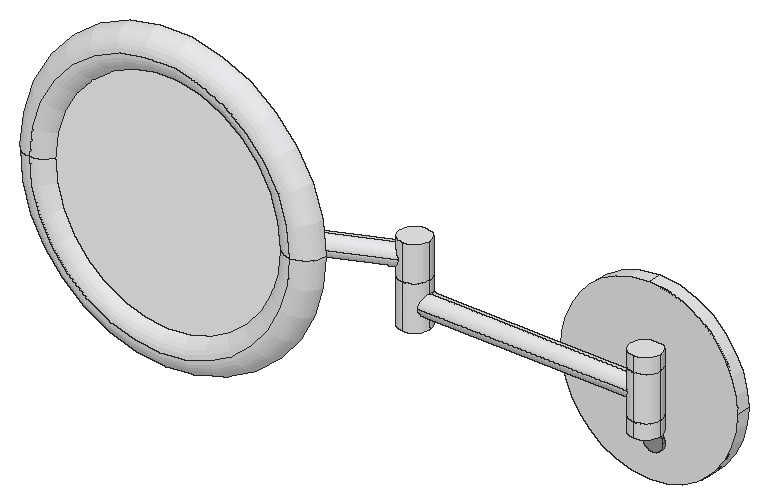
Revit family "DMMR0043_revit", category Generic Models, Revit 2017
Family settings
  Can host rebar = No
  Round Connector Dimension = Use Diameter
  Part Type = Normal
  Work Plane-Based = No
  Always vertical = Yes
  Cut with Voids When Loaded = No
  Shared = No
  Room Calculation Point = No
Parameters
  Website = "https://dolphy.in/"  # constant formula
  Contact number = "+91 9520202035"  # constant formula
  Contact email = "info@dolphy.in"  # constant formula
  Company name = "Dolphy India"  # constant formula
Reference planes
  plane 1 "Center (Front/Back)": y = 0
  plane 2: z = 0
  plane 3 "Center (Left/Right)": x = 0
Forms (mm)
  Extrusion 1, solid, material "Dolphy_CHROME"
    sketch origin (0, 0, 0) x (1, 0, 0) y (0, 0, 1)
      loop
        spline (263.5, 10) -> (254.405, 9.351) -> (245.956, 7.49) -> (238.181, 4.543) -> (231.112, 0.635) -> (224.777, -4.105) -> (219.206, -9.553) -> (214.43, -15.581) -> (210.477, -22.063) -> (207.378, -28.872) -> (205.162, -35.882) -> (203.86, -42.967) -> (203.5, -50)
        spline (203.5, -50) -> (203.86, -57.033) -> (205.162, -64.118) -> (207.378, -71.128) -> (210.477, -77.937) -> (214.43, -84.419) -> (219.206, -90.447) -> (224.777, -95.895) -> (231.112, -100.635) -> (238.181, -104.543) -> (245.956, -107.49) -> (254.405, -109.351) -> (263.5, -110)
        spline (263.5, -110) -> (272.595, -109.351) -> (281.044, -107.49) -> (288.819, -104.543) -> (295.888, -100.635) -> (302.223, -95.895) -> (307.794, -90.447) -> (312.57, -84.419) -> (316.523, -77.937) -> (319.622, -71.128) -> (321.838, -64.118) -> (323.14, -57.033) -> (323.5, -50)
        spline (323.5, -50) -> (323.14, -42.967) -> (321.838, -35.882) -> (319.622, -28.872) -> (316.523, -22.063) -> (312.57, -15.581) -> (307.794, -9.553) -> (302.223, -4.105) -> (295.888, 0.635) -> (288.819, 4.543) -> (281.044, 7.49) -> (272.595, 9.351) -> (263.5, 10)
    from 0 to 8.954
  Extrusion 2, solid, material "Dolphy_CHROME"
    sketch origin (8.348, 0, 0) x (1, 0, 0) y (0, 1, 0)
      loop
        spline (260.152, -8.413) -> (259.04, -8.469) -> (257.899, -8.676) -> (256.752, -9.029) -> (255.624, -9.527) -> (254.538, -10.167) -> (253.519, -10.946) -> (252.59, -11.863) -> (251.777, -12.914) -> (251.102, -14.097) -> (250.59, -15.409) -> (250.266, -16.849) -> (250.152, -18.413)
        spline (250.152, -18.413) -> (250.266, -19.977) -> (250.59, -21.416) -> (251.102, -22.729) -> (251.777, -23.912) -> (252.59, -24.963) -> (253.519, -25.879) -> (254.538, -26.659) -> (255.624, -27.299) -> (256.752, -27.797) -> (257.899, -28.15) -> (259.04, -28.356) -> (260.152, -28.413)
        spline (260.152, -28.413) -> (261.264, -28.356) -> (262.405, -28.15) -> (263.552, -27.797) -> (264.681, -27.299) -> (265.767, -26.659) -> (266.786, -25.879) -> (267.714, -24.963) -> (268.528, -23.912) -> (269.202, -22.729) -> (269.714, -21.416) -> (270.039, -19.977) -> (270.152, -18.413)
        spline (270.152, -18.413) -> (270.039, -16.849) -> (269.714, -15.409) -> (269.202, -14.097) -> (268.528, -12.914) -> (267.714, -11.863) -> (266.786, -10.946) -> (265.767, -10.167) -> (264.681, -9.527) -> (263.552, -9.029) -> (262.405, -8.676) -> (261.264, -8.469) -> (260.152, -8.413)
    from -65 to -35
  Extrusion 3, solid, material "Dolphy_CHROME"
    sketch origin (8.348, 0, 0) x (1, 0, 0) y (0, 1, 0)
      loop
        spline (260.152, -8.413) -> (259.04, -8.469) -> (257.899, -8.676) -> (256.752, -9.029) -> (255.624, -9.527) -> (254.538, -10.167) -> (253.519, -10.946) -> (252.59, -11.863) -> (251.777, -12.914) -> (251.102, -14.097) -> (250.59, -15.409) -> (250.266, -16.849) -> (250.152, -18.413)
        spline (250.152, -18.413) -> (250.266, -19.977) -> (250.59, -21.416) -> (251.102, -22.729) -> (251.777, -23.912) -> (252.59, -24.963) -> (253.519, -25.879) -> (254.538, -26.659) -> (255.624, -27.299) -> (256.752, -27.797) -> (257.899, -28.15) -> (259.04, -28.356) -> (260.152, -28.413)
        spline (260.152, -28.413) -> (261.264, -28.356) -> (262.405, -28.15) -> (263.552, -27.797) -> (264.681, -27.299) -> (265.767, -26.659) -> (266.786, -25.879) -> (267.714, -24.963) -> (268.528, -23.912) -> (269.202, -22.729) -> (269.714, -21.416) -> (270.039, -19.977) -> (270.152, -18.413)
        spline (270.152, -18.413) -> (270.039, -16.849) -> (269.714, -15.409) -> (269.202, -14.097) -> (268.528, -12.914) -> (267.714, -11.863) -> (266.786, -10.946) -> (265.767, -10.167) -> (264.681, -9.527) -> (263.552, -9.029) -> (262.405, -8.676) -> (261.264, -8.469) -> (260.152, -8.413)
    from -35 to -25
  Extrusion 4, solid, material "Dolphy_CHROME"
    sketch origin (8.348, 0, 0) x (1, 0, 0) y (0, 1, 0)
      loop
        spline (260.152, -8.413) -> (259.04, -8.469) -> (257.899, -8.676) -> (256.752, -9.029) -> (255.624, -9.527) -> (254.538, -10.167) -> (253.519, -10.946) -> (252.59, -11.863) -> (251.777, -12.914) -> (251.102, -14.097) -> (250.59, -15.409) -> (250.266, -16.849) -> (250.152, -18.413)
        spline (250.152, -18.413) -> (250.266, -19.977) -> (250.59, -21.416) -> (251.102, -22.729) -> (251.777, -23.912) -> (252.59, -24.963) -> (253.519, -25.879) -> (254.538, -26.659) -> (255.624, -27.299) -> (256.752, -27.797) -> (257.899, -28.15) -> (259.04, -28.356) -> (260.152, -28.413)
        spline (260.152, -28.413) -> (261.264, -28.356) -> (262.405, -28.15) -> (263.552, -27.797) -> (264.681, -27.299) -> (265.767, -26.659) -> (266.786, -25.879) -> (267.714, -24.963) -> (268.528, -23.912) -> (269.202, -22.729) -> (269.714, -21.416) -> (270.039, -19.977) -> (270.152, -18.413)
        spline (270.152, -18.413) -> (270.039, -16.849) -> (269.714, -15.409) -> (269.202, -14.097) -> (268.528, -12.914) -> (267.714, -11.863) -> (266.786, -10.946) -> (265.767, -10.167) -> (264.681, -9.527) -> (263.552, -9.029) -> (262.405, -8.676) -> (261.264, -8.469) -> (260.152, -8.413)
    from -75 to -65
  Extrusion 5, solid, material "Dolphy_CHROME"
    sketch origin (51.353, 9.651, 126.353) x (0, 0, -1) y (0, 1, 0)
      loop
        spline (176.353, -21.064) -> (175.586, -21.093) -> (174.799, -21.229) -> (174.008, -21.471) -> (173.229, -21.817) -> (172.478, -22.265) -> (171.771, -22.812) -> (171.124, -23.456) -> (170.553, -24.195) -> (170.075, -25.028) -> (169.705, -25.952) -> (169.459, -26.965) -> (169.353, -28.064)
        spline (169.353, -28.064) -> (169.459, -29.164) -> (169.705, -30.177) -> (170.075, -31.1) -> (170.553, -31.933) -> (171.124, -32.673) -> (171.771, -33.317) -> (172.478, -33.864) -> (173.229, -34.311) -> (174.008, -34.657) -> (174.799, -34.9) -> (175.586, -35.036) -> (176.353, -35.064)
        spline (176.353, -35.064) -> (177.12, -35.036) -> (177.907, -34.9) -> (178.699, -34.657) -> (179.478, -34.311) -> (180.229, -33.864) -> (180.936, -33.317) -> (181.582, -32.673) -> (182.153, -31.933) -> (182.631, -31.1) -> (183.002, -30.177) -> (183.248, -29.164) -> (183.353, -28.064)
        spline (183.353, -28.064) -> (183.248, -26.965) -> (183.002, -25.952) -> (182.631, -25.028) -> (182.153, -24.195) -> (181.582, -23.456) -> (180.936, -22.812) -> (180.229, -22.265) -> (179.478, -21.817) -> (178.699, -21.471) -> (177.907, -21.229) -> (177.12, -21.093) -> (176.353, -21.064)
    from 62.561 to 218.647
  Extrusion 6, solid, material "Dolphy_CHROME"
    sketch origin (-148.652, 0, 0) x (1, 0, 0) y (0, 1, 0)
      loop
        spline (260.152, -8.413) -> (259.04, -8.469) -> (257.899, -8.676) -> (256.752, -9.029) -> (255.624, -9.527) -> (254.538, -10.167) -> (253.519, -10.946) -> (252.59, -11.863) -> (251.777, -12.914) -> (251.102, -14.097) -> (250.59, -15.409) -> (250.266, -16.849) -> (250.152, -18.413)
        spline (250.152, -18.413) -> (250.266, -19.977) -> (250.59, -21.416) -> (251.102, -22.729) -> (251.777, -23.912) -> (252.59, -24.963) -> (253.519, -25.879) -> (254.538, -26.659) -> (255.624, -27.299) -> (256.752, -27.797) -> (257.899, -28.15) -> (259.04, -28.356) -> (260.152, -28.413)
        spline (260.152, -28.413) -> (261.264, -28.356) -> (262.405, -28.15) -> (263.552, -27.797) -> (264.681, -27.299) -> (265.767, -26.659) -> (266.786, -25.879) -> (267.714, -24.963) -> (268.528, -23.912) -> (269.202, -22.729) -> (269.714, -21.416) -> (270.039, -19.977) -> (270.152, -18.413)
        spline (270.152, -18.413) -> (270.039, -16.849) -> (269.714, -15.409) -> (269.202, -14.097) -> (268.528, -12.914) -> (267.714, -11.863) -> (266.786, -10.946) -> (265.767, -10.167) -> (264.681, -9.527) -> (263.552, -9.029) -> (262.405, -8.676) -> (261.264, -8.469) -> (260.152, -8.413)
    from -65 to -35
  Extrusion 7, solid, material "Dolphy_CHROME"
    sketch origin (-148.652, 0, 0) x (1, 0, 0) y (0, 1, 0)
      loop
        spline (260.152, -8.413) -> (259.04, -8.469) -> (257.899, -8.676) -> (256.752, -9.029) -> (255.624, -9.527) -> (254.538, -10.167) -> (253.519, -10.946) -> (252.59, -11.863) -> (251.777, -12.914) -> (251.102, -14.097) -> (250.59, -15.409) -> (250.266, -16.849) -> (250.152, -18.413)
        spline (250.152, -18.413) -> (250.266, -19.977) -> (250.59, -21.416) -> (251.102, -22.729) -> (251.777, -23.912) -> (252.59, -24.963) -> (253.519, -25.879) -> (254.538, -26.659) -> (255.624, -27.299) -> (256.752, -27.797) -> (257.899, -28.15) -> (259.04, -28.356) -> (260.152, -28.413)
        spline (260.152, -28.413) -> (261.264, -28.356) -> (262.405, -28.15) -> (263.552, -27.797) -> (264.681, -27.299) -> (265.767, -26.659) -> (266.786, -25.879) -> (267.714, -24.963) -> (268.528, -23.912) -> (269.202, -22.729) -> (269.714, -21.416) -> (270.039, -19.977) -> (270.152, -18.413)
        spline (270.152, -18.413) -> (270.039, -16.849) -> (269.714, -15.409) -> (269.202, -14.097) -> (268.528, -12.914) -> (267.714, -11.863) -> (266.786, -10.946) -> (265.767, -10.167) -> (264.681, -9.527) -> (263.552, -9.029) -> (262.405, -8.676) -> (261.264, -8.469) -> (260.152, -8.413)
    from -35 to -11.384
  Extrusion 8, solid, material "Dolphy_CHROME"
    sketch origin (-260.152, -48.785, 0) x (1, 0, 0) y (0, 1, 0)
      loop
        spline (260.152, -8.413) -> (259.04, -8.469) -> (257.899, -8.676) -> (256.752, -9.029) -> (255.624, -9.527) -> (254.538, -10.167) -> (253.519, -10.946) -> (252.59, -11.863) -> (251.777, -12.914) -> (251.102, -14.097) -> (250.59, -15.409) -> (250.266, -16.849) -> (250.152, -18.413)
        spline (250.152, -18.413) -> (250.266, -19.977) -> (250.59, -21.416) -> (251.102, -22.729) -> (251.777, -23.912) -> (252.59, -24.963) -> (253.519, -25.879) -> (254.538, -26.659) -> (255.624, -27.299) -> (256.752, -27.797) -> (257.899, -28.15) -> (259.04, -28.356) -> (260.152, -28.413)
        spline (260.152, -28.413) -> (261.264, -28.356) -> (262.405, -28.15) -> (263.552, -27.797) -> (264.681, -27.299) -> (265.767, -26.659) -> (266.786, -25.879) -> (267.714, -24.963) -> (268.528, -23.912) -> (269.202, -22.729) -> (269.714, -21.416) -> (270.039, -19.977) -> (270.152, -18.413)
        spline (270.152, -18.413) -> (270.039, -16.849) -> (269.714, -15.409) -> (269.202, -14.097) -> (268.528, -12.914) -> (267.714, -11.863) -> (266.786, -10.946) -> (265.767, -10.167) -> (264.681, -9.527) -> (263.552, -9.029) -> (262.405, -8.676) -> (261.264, -8.469) -> (260.152, -8.413)
    from -35 to -11.384
  Extrusion 9, solid, material "Dolphy_CHROME"
    sketch origin (-101.159, -81.706, 152.677) x (0, 0, -1) y (-0.406737, 0.913545, 0)
      loop
        spline (176.353, -21.064) -> (175.586, -21.093) -> (174.799, -21.229) -> (174.008, -21.471) -> (173.229, -21.817) -> (172.478, -22.265) -> (171.771, -22.812) -> (171.124, -23.456) -> (170.553, -24.195) -> (170.075, -25.028) -> (169.705, -25.952) -> (169.459, -26.965) -> (169.353, -28.064)
        spline (169.353, -28.064) -> (169.459, -29.164) -> (169.705, -30.177) -> (170.075, -31.1) -> (170.553, -31.933) -> (171.124, -32.673) -> (171.771, -33.317) -> (172.478, -33.864) -> (173.229, -34.311) -> (174.008, -34.657) -> (174.799, -34.9) -> (175.586, -35.036) -> (176.353, -35.064)
        spline (176.353, -35.064) -> (177.12, -35.036) -> (177.907, -34.9) -> (178.699, -34.657) -> (179.478, -34.311) -> (180.229, -33.864) -> (180.936, -33.317) -> (181.582, -32.673) -> (182.153, -31.933) -> (182.631, -31.1) -> (183.002, -30.177) -> (183.248, -29.164) -> (183.353, -28.064)
        spline (183.353, -28.064) -> (183.248, -26.965) -> (183.002, -25.952) -> (182.631, -25.028) -> (182.153, -24.195) -> (181.582, -23.456) -> (180.936, -22.812) -> (180.229, -22.265) -> (179.478, -21.817) -> (178.699, -21.471) -> (177.907, -21.229) -> (177.12, -21.093) -> (176.353, -21.064)
    from 98.346 to 218.647
  Extrusion 10, solid, material "BRASS & CHROME"
    sketch origin (-260.152, -48.785, 0) x (1, 0, 0) y (0, 1, 0)
      loop
        spline (260.152, -8.413) -> (259.04, -8.469) -> (257.899, -8.676) -> (256.752, -9.029) -> (255.624, -9.527) -> (254.538, -10.167) -> (253.519, -10.946) -> (252.59, -11.863) -> (251.777, -12.914) -> (251.102, -14.097) -> (250.59, -15.409) -> (250.266, -16.849) -> (250.152, -18.413)
        spline (250.152, -18.413) -> (250.266, -19.977) -> (250.59, -21.416) -> (251.102, -22.729) -> (251.777, -23.912) -> (252.59, -24.963) -> (253.519, -25.879) -> (254.538, -26.659) -> (255.624, -27.299) -> (256.752, -27.797) -> (257.899, -28.15) -> (259.04, -28.356) -> (260.152, -28.413)
        spline (260.152, -28.413) -> (261.264, -28.356) -> (262.405, -28.15) -> (263.552, -27.797) -> (264.681, -27.299) -> (265.767, -26.659) -> (266.786, -25.879) -> (267.714, -24.963) -> (268.528, -23.912) -> (269.202, -22.729) -> (269.714, -21.416) -> (270.039, -19.977) -> (270.152, -18.413)
        spline (270.152, -18.413) -> (270.039, -16.849) -> (269.714, -15.409) -> (269.202, -14.097) -> (268.528, -12.914) -> (267.714, -11.863) -> (266.786, -10.946) -> (265.767, -10.167) -> (264.681, -9.527) -> (263.552, -9.029) -> (262.405, -8.676) -> (261.264, -8.469) -> (260.152, -8.413)
    from -11.384 to -3.499
  Extrusion 11, solid, material "BRASS & CHROME"
    sketch origin (-260.152, -48.785, 0) x (1, 0, 0) y (0, 1, 0)
      loop
        spline (260.152, -8.413) -> (259.04, -8.469) -> (257.899, -8.676) -> (256.752, -9.029) -> (255.624, -9.527) -> (254.538, -10.167) -> (253.519, -10.946) -> (252.59, -11.863) -> (251.777, -12.914) -> (251.102, -14.097) -> (250.59, -15.409) -> (250.266, -16.849) -> (250.152, -18.413)
        spline (250.152, -18.413) -> (250.266, -19.977) -> (250.59, -21.416) -> (251.102, -22.729) -> (251.777, -23.912) -> (252.59, -24.963) -> (253.519, -25.879) -> (254.538, -26.659) -> (255.624, -27.299) -> (256.752, -27.797) -> (257.899, -28.15) -> (259.04, -28.356) -> (260.152, -28.413)
        spline (260.152, -28.413) -> (261.264, -28.356) -> (262.405, -28.15) -> (263.552, -27.797) -> (264.681, -27.299) -> (265.767, -26.659) -> (266.786, -25.879) -> (267.714, -24.963) -> (268.528, -23.912) -> (269.202, -22.729) -> (269.714, -21.416) -> (270.039, -19.977) -> (270.152, -18.413)
        spline (270.152, -18.413) -> (270.039, -16.849) -> (269.714, -15.409) -> (269.202, -14.097) -> (268.528, -12.914) -> (267.714, -11.863) -> (266.786, -10.946) -> (265.767, -10.167) -> (264.681, -9.527) -> (263.552, -9.029) -> (262.405, -8.676) -> (261.264, -8.469) -> (260.152, -8.413)
    from -42.816 to -35
  Sweep 12, solid, material "Dolphy_CHROME"
    path origin (-21.562, -76.248, 0) x (1, 0, 0) y (0, 0, 1)
      loop
        circle (17.002, -3.499) r 88.5
    profile origin (-4.56, -76.248, 85.001) x (0, 0, -1) y (0, -1, 0)
      loop
        line (-13.5, 0) -> (13.5, 0)
        spline (13.5, 0) -> (13.381, 1.739) -> (13.031, 3.435) -> (12.467, 5.067) -> (11.701, 6.616) -> (10.747, 8.06) -> (9.62, 9.379) -> (8.333, 10.552) -> (6.901, 11.558) -> (5.338, 12.377) -> (3.657, 12.987) -> (1.873, 13.368) -> (0, 13.5)
        spline (0, 13.5) -> (-1.873, 13.368) -> (-3.657, 12.987) -> (-5.338, 12.377) -> (-6.901, 11.558) -> (-8.333, 10.552) -> (-9.62, 9.379) -> (-10.747, 8.06) -> (-11.701, 6.616) -> (-12.467, 5.067) -> (-13.031, 3.435) -> (-13.381, 1.739) -> (-13.5, 0)
  Extrusion 13, solid, material "Glass"
    sketch origin (0, 0, 0) x (1, 0, 0) y (0, 0, 1)
      loop
        spline (-4.56, -83.499) -> (9.194, -82.47) -> (21.141, -79.657) -> (31.418, -75.502) -> (40.173, -70.494) -> (47.68, -64.962) -> (54.16, -58.92) -> (59.733, -52.35) -> (64.532, -45.25) -> (68.732, -37.485) -> (72.237, -28.338) -> (74.592, -17.215) -> (75.44, -3.499)
        spline (75.44, -3.499) -> (74.592, 10.218) -> (72.237, 21.341) -> (68.732, 30.488) -> (64.532, 38.253) -> (59.733, 45.353) -> (54.16, 51.923) -> (47.68, 57.964) -> (40.173, 63.497) -> (31.418, 68.504) -> (21.141, 72.66) -> (9.194, 75.473) -> (-4.56, 76.501)
        spline (-4.56, 76.501) -> (-18.314, 75.473) -> (-30.261, 72.66) -> (-40.538, 68.504) -> (-49.294, 63.497) -> (-56.8, 57.964) -> (-63.28, 51.923) -> (-68.853, 45.353) -> (-73.652, 38.253) -> (-77.852, 30.488) -> (-81.358, 21.341) -> (-83.712, 10.218) -> (-84.56, -3.499)
        spline (-84.56, -3.499) -> (-83.712, -17.215) -> (-81.358, -28.338) -> (-77.852, -37.485) -> (-73.652, -45.25) -> (-68.853, -52.35) -> (-63.28, -58.92) -> (-56.8, -64.962) -> (-49.294, -70.494) -> (-40.538, -75.502) -> (-30.261, -79.657) -> (-18.314, -82.47) -> (-4.56, -83.499)
    from 76.79 to 82.676
  Extrusion 14, solid, material "PLASTIC"
    sketch origin (5, 0, 0) x (1, 0, 0) y (0, 0, 1)
      loop
        spline (261.845, -77.897) -> (260.752, -77.978) -> (259.741, -78.209) -> (258.815, -78.571) -> (257.978, -79.049) -> (257.232, -79.624) -> (256.58, -80.278) -> (256.026, -80.996) -> (255.573, -81.758) -> (255.224, -82.548) -> (254.982, -83.349) -> (254.851, -84.142) -> (254.832, -84.91)
        spline (254.832, -84.91) -> (254.851, -85.678) -> (254.982, -86.471) -> (255.224, -87.271) -> (255.573, -88.062) -> (256.026, -88.824) -> (256.58, -89.541) -> (257.232, -90.196) -> (257.978, -90.771) -> (258.815, -91.249) -> (259.741, -91.611) -> (260.752, -91.842) -> (261.845, -91.922)
        spline (261.845, -91.922) -> (262.938, -91.842) -> (263.949, -91.611) -> (264.874, -91.249) -> (265.712, -90.771) -> (266.458, -90.196) -> (267.109, -89.541) -> (267.663, -88.824) -> (268.116, -88.062) -> (268.465, -87.271) -> (268.707, -86.471) -> (268.839, -85.678) -> (268.857, -84.91)
        spline (268.857, -84.91) -> (268.839, -84.142) -> (268.707, -83.349) -> (268.465, -82.548) -> (268.116, -81.758) -> (267.663, -80.996) -> (267.109, -80.278) -> (266.458, -79.624) -> (265.712, -79.049) -> (264.874, -78.571) -> (263.949, -78.209) -> (262.938, -77.978) -> (261.845, -77.897)
    from 5.93 to 10.172
Cuts and joins
  joined: Extrusion 7, Extrusion 8, Extrusion 9
  joined: Extrusion 2, Extrusion 5, Extrusion 6
Dimensions and locks
  aligned and locked: level to plane 2
